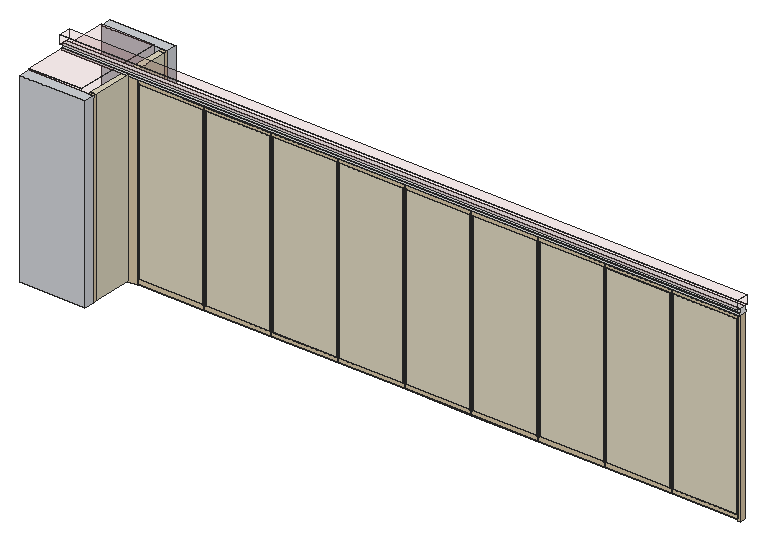
Revit family "Partition_Corflex_5500_Series_Outside_Pocket", category Specialty Equipment, Revit 2022
Family settings
  Round Connector Dimension = Use Diameter
  Part Type = Normal
  OmniClass Number = 23.25.40.17.11
  OmniClass Title = Horizontally Sliding Partitions
  Work Plane-Based = No
  Always vertical = Yes
  Cut with Voids When Loaded = No
  Maintain Annotation Orientation = No
  Shared = No
  Room Calculation Point = No
Parameters (values of type "Outside Pocket")
  Track back offset [instance] = 0 mm  # constant formula
  Unit Height [instance] = Opening Height Auxiliary - Finished Floor Thickness - Track Location Control  # 3022.6 mm
  URL = "http://www.corflex.ca/"
  Track Lenght [instance] = 10000 mm
  Track front offset [instance] = 0 mm  # constant formula
  Track Width Above = 88.9 mm  # constant formula
  Track Width = 127 mm  # constant formula
  Track Location Control [instance] = if(Flush Ceiling Track, 0 mm, 25.4 mm)  # 25.4 mm
  Track Height = 88.9 mm  # constant formula
  Swing Angle [instance] = if(Limit Pocket Door Swing Angle, 90.00°, 135.00°)  # 135.00°
  Show Stacked [instance] = no
  Panel Width Stacked [instance] = Panel Width  # 1090 mm
  Stack Spacing Plan Control [instance] = Stack Spacing Plan / 2  # 46 mm
  Stack Spacing Plan [instance] = Panel Thickness + Field Decoration Allowance  # 92 mm
  Stack Depth Allowance [instance] = if(Panel Finish Carpet, 12.7 mm, 3.969 mm)  # 3.969 mm
  Stack Depth [instance] = (Panel Thickness * Total Panel Quantity) + 38 mm  # 866 mm
  Specification sheet = ""
  Specification = "https://www.arcat.com/company/corflex-partitions-inc-39436/spec"
  Show Extended [instance] = not(Show Stacked)  # yes
  Product Page URL = "https://www.arcat.com/company/corflex-partitions-inc-39436"
  Panel Thickness [instance] = 92 mm  # constant formula
  Opening Width [instance] = 10000 mm
  Panel Quantity Auxiliary [instance] = roundup((Opening Width - Closure Width Trail - Closure Width Lead Standard) / Panel Width Max) + Additional Panel Quantity  # 9
  Total Panel Quantity [instance] = (roundup((Opening Width - Closure Width Trail - Closure Width Lead Calculated) / Panel Width Max)) + Additional Panel Quantity  # 9
  Opening Height [instance] = 3048 mm
  Keynote = "10 22 26"
  Pocket Door Type = if(Enter Pocket Door Type = 0, "None", if(Enter Pocket Door Type = 2, "2", if(Enter Pocket Door Type = 3, "3", "Invalid")))  # "3"
  Flush Ceiling Track [instance] = no
  Enter Pocket Door Type = 3  # constant formula
  Pocket Door Left Opening [instance] = if(Enter Pocket Door Type = 3, Clearance Width / 2, Clearance Width - Pocket Door Right Opening)  # 745 mm
  Pocket Door Right Opening [instance] = if(Enter Pocket Door Type = 3, Clearance Width / 2, if(Enter Pocket Door Type = 2, (Clearance Width / 2) + 88.9 mm, Clearance Width / 2))  # 745 mm
  Partition Width [instance] = (Panel Width * Total Panel Quantity) + Closure Width Lead Calculated + Closure Width Trail  # 10000 mm
  Panel Width Min = 533 mm  # constant formula
  Panel Width Max = 1219 mm  # constant formula
  Panel Width [instance] = if(((Opening Width - Closure Width Trail - Closure Width Lead Calculated) / Total Panel Quantity) > 1219 mm, ((Opening Width - Closure Width Trail - Closure Width Lead Calculated) / (Total Panel Quantity + 1)), ((Opening Width - Closure Width Trail - Closure Width Lead Calculated) / Total Panel Quantity))  # 1090 mm
  Panel Finish Vinyl [instance] = not(Panel Finish Carpet)  # yes
  Panel Finish Carpet [instance] = no
  Model = "5500"  # constant formula
  Manufacturer Telephone = "1 877 410-2422 or (1) 450 444-2441"  # constant formula
  Manufacturer = "Corflex, Inc."  # constant formula
  Limit Pocket Door Swing Angle [instance] = no
  Finished Floor Thickness [instance] = 0 mm
  Finish Material Track = Corflex - Track - Clear anodized
  Finish Material Pocket Door = Corflex - Vinyl - Blizzard
  Finish Material Panel = Corflex - Vinyl - Blizzard
  Finish Material Metal = Corflex - Trim - Beige
  Field Decoration Allowance [instance] = 0 mm
  Default Elevation = 0 mm
  Description = "Operable Partition"  # constant formula
  Copyright = "ARCAT"
  Closure Width Trail = 152 mm  # constant formula
  Closure Width Lead Calculated [instance] = if(and(Panel Quantity Auxiliary > 15, Closure Width Lead 102 mm Only Available if Panel Quantity Exceeds 15 Panels), 102 mm, if(and(Panel Quantity Auxiliary > 15, Closure Width Lead 114 mm Only Available if Panel Quantity Exceeds 15 Panels), 114 mm, if(and(Panel Quantity Auxiliary > 15, Closure Width Lead 152 mm Only Available if Panel Quantity Exceeds 15 Panels), 152 mm, 38 mm)))  # 38 mm
  Closure Width Lead 152 mm Only Available if Panel Quantity Exceeds 15 Panels [instance] = no
  Closure Width Lead 114 mm Only Available if Panel Quantity Exceeds 15 Panels [instance] = no
  Closure Width Lead 102 mm Only Available if Panel Quantity Exceeds 15 Panels [instance] = no
  Closure Width Lead Standard = 38 mm  # constant formula
  Closure Type Trail = "Lever"  # constant formula
  Closure Type Lead = if(Closure Width Lead Standard = 38 mm, "Bulb Seal", if(Closure Width Lead Standard = 154 mm, "Lever", if(Closure Width Lead Standard = 102 mm, "Wall Jamb", "Contact Manufacturer")))  # "Bulb Seal"
  Clearance Width [instance] = Panel Width + 400 mm  # 1490 mm
  Clearance Depth [instance] = (Panel Thickness * Total Panel Quantity) + 240 mm  # 1068 mm
  Opening Height Auxiliary [instance] = if(and(Additional Panel Quantity < 0, ((Opening Width - Closure Width Trail - Closure Width Lead Calculated) / Total Panel Quantity) > 1219 mm), -50 mm, if(Opening Height > 6096 mm, 6096 mm, Opening Height))  # 3048 mm
  CSI MasterFormat 2004 = "10 22 26"
  CSI MasterFormat = "10 22 39"
  CAD Details = "https://www.arcat.com/company/corflex-partitions-inc-39436/cad"
  Assembly Code = "C1010300"
  Additional Panel Quantity [instance] = 0
  Acoustic Seal [instance] = yes
  Door Panel Position From Left [instance] = Panel Width / 2  # 545 mm
Reference planes
  plane 1 "Center (Front/Back)": y = 0
  plane 2 "Origin": z = 0
  plane 3 "Left": x = 0
  plane 4 "Right": x = 10000
  plane 5 "Back Panel": y = 46
  plane 6 "Front Panel": y = -46
  plane 7 "Back": y = 745
  plane 8 "Front": y = -745
  plane 9 "Back Track": y = 63.5
  plane 10 "Front Track": y = -63.5
  plane 11 "Array First Extended": x = 152
  plane 12 "Array Second Extended": x = 1242
  plane 13 "Right Closure Lead": x = 9962
  plane 14 "Top Clearance": z = 3251.2
  plane 15 "Bottom Panel": z = 0
  plane 16 "Top": z = 3111.5
  plane 17 "Bottom Track": z = 3022.6
  plane 18 "Center Track (Elevation)": z = 3048
  plane 19 "Ceiling Height": z = 3048
  plane 20 "Back Track Clearance": y = 101.6
  plane 21 "Front Track Clearance": y = -101.6
  plane 22: x = 10000
  plane 23 "Array First Stacked Control": x = -1064.031
  plane 24 "Panel Thickness": x = -972.031
  plane 25 "Array Second Stacked Control": x = -968.063
  plane 26 "Array First Stacked": x = -1018.031
  plane 27 "Array Second Stacked": x = -922.063
  plane 28: x = -1068
  plane 29: x = -202
  plane 30: x = -1068
Forms (mm)
  Extrusion 1, solid, material "Corflex - Track - Clear anodized" <- "Finish Material Track"
    sketch origin (0, 0, 0) x (0, 1, 0) y (0, 0, 1)
      loop
        line (44.45, 3111.5) -> (-44.45, 3111.5) -> (-44.45, 3048) -> (-63.5, 3048) -> (-63.5, 3022.6) -> (63.5, 3022.6) -> (63.5, 3048) -> (44.45, 3048) -> (44.45, 3111.5)
    from -1068 to 10000
  Extrusion 2, solid, material "Corflex - Clearance beam and track"
    sketch origin (0, 0, 0) x (0, 1, 0) y (0, 0, 1)
      loop
        line (101.6, 3251.2) -> (-101.6, 3251.2) -> (-101.6, 3111.5) -> (101.6, 3111.5) -> (101.6, 3251.2)
    from -1068 to 10000
  Extrusion 3, solid
    sketch origin (-3400, 341.346, 0) x (1, 0, 0) y (0, 1, 0)
      loop
        line (3400, 403.654) -> (3400, 581.454) -> (2332, 581.454) -> (2332, 403.654) -> (3400, 403.654)
      loop
        line (2332, -1086.346) -> (2332, -1264.146) -> (3400, -1264.146) -> (3400, -1086.346) -> (2332, -1086.346)
    from 0 to 3022.6
  Extrusion 4, solid, material "Corflex - Clearance beam and track"
    sketch origin (0, 0, 0) x (-1, 0, 0) y (0, -1, 0)
      loop
        line (1068, -745) -> (1068, 745) -> (202, 745) -> (202, -745) -> (1068, -745)
    from 0 to 3048
Lines and regions (mm)
  symbolic lines, style "Clearance"
    curve 1: line (-1068, 0, 3251.2) -> (10000, 0, 3251.2)
    curve 2: line (-1068, 0, 3048) -> (-1068, 0, 0)
    curve 3: line (100, 0, 3048) -> (100, 0, 0)
    curve 4: line (10000, 0, 3251.2) -> (10000, 0, 3048)
    curve 6: line (0, 745, 3048) -> (0, 745, 0)
    curve 7: line (0, -745, 3048) -> (0, -745, 0)
    curve 10: line (-1068, 0, 3048) -> (10000, 0, 3048)
    curve 11: line (0, 745, 0) -> (0, -745, 0)
    curve 12: line (0, 101.6, 3251.2) -> (0, -101.6, 3251.2)
    curve 13: line (0, 101.6, 3251.2) -> (0, 101.6, 3048)
    curve 14: line (0, -101.6, 3251.2) -> (0, -101.6, 3048)
    curve 15: line (0, 745, 3048) -> (0, 101.6, 3048)
    curve 16: line (0, -101.6, 3048) -> (0, -745, 3048)
    curve 19: line (-1068, 0, 0) -> (100, 0, 0)
    curve 20: line (0, 745, 0) -> (0, -745, 0)
    curve 21: line (-1068, 745, 0) -> (-1068, -745, 0)
    curve 22: line (0, 745, 0) -> (-1068, 745, 0)
    curve 23: line (0, -745, 0) -> (-1068, -745, 0)
    curve 24: line (-1068, 0, 3048) -> (-1068, 0, 3251.2)
    curve 25: line (-202, 745, 0) -> (-202, -745, 0)
  symbolic lines, style "Clearance", detail levels medium+fine
    curve 5: line (0, 101.6, 3251.2) -> (0, -101.6, 3251.2)
  symbolic lines, style "Overhead"
    curve 8: line (10000, 63.5, 3048) -> (-1068, 63.5, 3048)
    curve 9: line (10000, -63.5, 3048) -> (-1068, -63.5, 3048)
    curve 17: line (10000, 63.5, 3048) -> (10000, -63.5, 3048)
    curve 18: line (-1068, 63.5, 3048) -> (-1068, -63.5, 3048)
Dimensions and locks
  equal spacing: plane 8 "Front", plane 1 "Center (Front/Back)", plane 7 "Back"
  "Clearance Width": plane 8 "Front" to plane 7 "Back"
  "Track Width": plane 10 "Front Track" to plane 9 "Back Track"
  equal spacing: plane 10 "Front Track", plane 1 "Center (Front/Back)", plane 9 "Back Track"
  "Panel Thickness": plane 6 "Front Panel" to plane 5 "Back Panel"
  equal spacing: plane 6 "Front Panel", plane 1 "Center (Front/Back)", plane 5 "Back Panel"
  "Opening Width": plane 3 "Left" to plane 4 "Right"
  "Panel Width": plane 11 "Array First Extended" to plane 12 "Array Second Extended"
  "Closure Width Lead Calculated": plane 13 "Right Closure Lead" to plane 4 "Right"
  "Finished Floor Thickness": plane 15 "Bottom Panel" to level
  "Track Height": plane 16 "Top" to plane 17 "Bottom Track"
  locked: plane 18 "Center Track (Elevation)" to plane 17 "Bottom Track" at 25.4
  "Track Location Control": plane 19 "Ceiling Height" to plane 17 "Bottom Track"
  "Opening Height Auxiliary": plane 19 "Ceiling Height" to level
  locked: plane 14 "Top Clearance" to plane 19 "Ceiling Height" at 203.2
  equal spacing: group 1, group 2, group 3, group 4, group 5, group 6, group 7, group 8, group 9  (x3)
  "Track Width Above": Extrusion 1 sketch curve to Extrusion 1 sketch curve
  locked: plane 21 "Front Track Clearance" to plane 20 "Back Track Clearance" at 203.2
  equal spacing: plane 21 "Front Track Clearance", plane 1 "Center (Front/Back)", plane 20 "Back Track Clearance"
  equal spacing: Extrusion 1 sketch curve, plane 1 "Center (Front/Back)", Extrusion 1 sketch curve
  "Track front offset": plane 4 "Right" to plane 22
  "Stack Depth Allowance": plane 28 to plane 23 "Array First Stacked Control"
  "Stack Spacing Plan": plane 23 "Array First Stacked Control" to plane 24 "Panel Thickness"
  "Stack Depth Allowance": plane 24 "Panel Thickness" to plane 25 "Array Second Stacked Control"
  "Stack Spacing Plan Control": plane 25 "Array Second Stacked Control" to plane 27 "Array Second Stacked"
  equal spacing: plane 23 "Array First Stacked Control", plane 26 "Array First Stacked", plane 24 "Panel Thickness"
  equal spacing: group 10, group 11, group 12, group 13, group 14, group 15, group 16, group 17, group 18  (x3)
  locked: plane 7 "Back" to Extrusion 3 sketch curve at 177.8
  locked: Extrusion 3 sketch curve to plane 8 "Front" at 177.8
  "Track back offset": plane 30 to plane 28
  "Stack Depth": plane 28 to plane 29
  "Clearance Depth": plane 28 to plane 3 "Left"
  "Closure Width Trail": plane 3 "Left" to plane 11 "Array First Extended"
  aligned and locked: plane 2 "Origin" to level
  aligned and locked: plane 1 "Center (Front/Back)" to nested 1
  aligned and locked: Extrusion 1 sketch curve to plane 17 "Bottom Track"
  aligned and locked: Extrusion 1 sketch curve to plane 18 "Center Track (Elevation)"  (x2)
  aligned and locked: Extrusion 1 sketch curve to plane 16 "Top"
  aligned and locked: Extrusion 1 sketch curve to plane 9 "Back Track"
  aligned and locked: Extrusion 1 sketch curve to plane 10 "Front Track"
  aligned and locked: nested 5 to plane 1 "Center (Front/Back)"
  aligned and locked: plane 1 "Center (Front/Back)" to nested 6
  aligned and locked: plane 4 "Right" to nested 6
  aligned and locked: plane 14 "Top Clearance" to Extrusion 2 sketch curve
  aligned and locked: curve 1 to plane 14 "Top Clearance"
  aligned and locked: curve 4 to plane 4 "Right"
  aligned and locked: plane 19 "Ceiling Height" to curve 3
  aligned and locked: plane 7 "Back" to curve 6
  aligned and locked: plane 8 "Front" to curve 7
  aligned and locked: curve 8 to plane 9 "Back Track"
  aligned and locked: plane 4 "Right" to curve 8
  aligned and locked: curve 9 to plane 10 "Front Track"
  aligned and locked: Extrusion 2 sketch curve to plane 20 "Back Track Clearance"
  aligned and locked: Extrusion 2 sketch curve to plane 21 "Front Track Clearance"
  aligned and locked: curve 10 to plane 19 "Ceiling Height"
  aligned and locked: plane 4 "Right" to curve 10
  aligned and locked: plane 15 "Bottom Panel" to curve 11
  aligned and locked: plane 14 "Top Clearance" to curve 12
  aligned and locked: plane 20 "Back Track Clearance" to curve 13
  aligned and locked: plane 21 "Front Track Clearance" to curve 14
  aligned and locked: plane 19 "Ceiling Height" to curve 15
  aligned and locked: plane 19 "Ceiling Height" to curve 16
  aligned and locked: curve 19 to plane 15 "Bottom Panel"
  aligned and locked: curve 20 to plane 3 "Left"
  aligned and locked: Extrusion 2 to plane 16 "Top"
  aligned and locked: plane 22 to Extrusion 1
  aligned and locked: plane 22 to Extrusion 2
  aligned and locked: plane 17 "Bottom Track" to Extrusion 3
  aligned and locked: Extrusion 3 to plane 7 "Back"
  aligned and locked: plane 1 "Center (Front/Back)" to nested 11
  aligned and locked: Extrusion 4 sketch curve to plane 8 "Front"
  aligned and locked: Extrusion 4 sketch curve to plane 7 "Back"
  aligned and locked: plane 18 "Center Track (Elevation)" to Extrusion 4
  aligned and locked: plane 11 "Array First Extended" to nested 1
  aligned and locked: plane 12 "Array Second Extended" to nested 2
  aligned and locked: plane 26 "Array First Stacked" to nested 13
  aligned and locked: plane 27 "Array Second Stacked" to nested 14
  aligned and locked: plane 28 to Extrusion 3 sketch curve  (x2)
  aligned and locked: Extrusion 3 sketch curve to plane 8 "Front"
  aligned and locked: Extrusion 4 sketch curve to plane 29
  aligned and locked: Extrusion 4 sketch curve to plane 28
  aligned and locked: curve 21 to plane 28
  aligned and locked: plane 30 to Extrusion 2
  aligned and locked: plane 30 to Extrusion 1
  aligned and locked: plane 30 to curve 18
  aligned and locked: curve 24 to plane 30
  aligned and locked: curve 2 to plane 28
  aligned and locked: nested 5 to plane 3 "Left"
  aligned and locked: Extrusion 3 sketch curve to plane 3 "Left"
  aligned and locked: plane 7 "Back" to curve 25
  aligned and locked: plane 8 "Front" to curve 25
  aligned and locked: curve 25 to plane 29
Automatic sketch dimensions
  plane 3 "Left" to curve 3 = 100 mm
  Extrusion 2 sketch curve to plane 16 "Top" = 0 mm
  Extrusion 3 sketch curve to plane 3 "Left" = 0 mm
  Extrusion 3 sketch curve to plane 7 "Back" = 0 mm
Nested families
  nested 1: "Panel" at (697, 0, 0), visible <- "Show Extended", Acoustic Seal <- "Acoustic Seal", type "Extended"
    with Acoustic Seal yes
  nested 2: "Panel" at (1787, 0, 0), visible <- "Show Extended", Acoustic Seal <- "Acoustic Seal", type "Extended"
    with Acoustic Seal yes
  nested 3: "Panel" at (2877, 0, 0), visible <- "Show Extended", Acoustic Seal <- "Acoustic Seal", type "Extended"
    with Acoustic Seal yes
  nested 4: "Panel" at (3967, 0, 0), visible <- "Show Extended", Acoustic Seal <- "Acoustic Seal", type "Extended"
    with Acoustic Seal yes
  nested 5: "Closure" at (152, 0, 0) x (-1, 0, 0) z (0, 0, 1), type "Trail"
    with Show Stacked no, Show Extended yes, Panel Thickness 92 mm, Not Flange yes, Masking Region Depth 0 mm, Height 3022.6 mm, Closure Width 152 mm, Ceiling Height 3048 mm, Bottom Seal Height 25 mm
  nested 6: "Closure" at (9962, 0, 0), type "Lead"
    with Show Stacked no, Show Extended yes, Panel Thickness 92 mm, Not Flange yes, Masking Region Depth 0 mm, Height 3022.6 mm, Closure Width 38 mm, Ceiling Height 3048 mm, Bottom Seal Height 25 mm
  nested 7: "Panel" at (5057, 0, 0), visible <- "Show Extended", Acoustic Seal <- "Acoustic Seal", type "Extended"
    with Acoustic Seal yes
  nested 8: "Panel" at (6147, 0, 0), visible <- "Show Extended", Acoustic Seal <- "Acoustic Seal", type "Extended"
    with Acoustic Seal yes
  nested 9: "Panel" at (7237, 0, 0), visible <- "Show Extended", Acoustic Seal <- "Acoustic Seal", type "Extended"
    with Acoustic Seal yes
  nested 10: "Panel" at (8327, 0, 0), visible <- "Show Extended", Acoustic Seal <- "Acoustic Seal", type "Extended"
    with Acoustic Seal yes
  nested 11: "Pocket Door Multiple" at (0, 0, 0) x (0, -1, 0) z (0, 0, 1), type "Pocket Door Multiple"
  nested 12: "Panel" at (9417, 0, 0), visible <- "Show Extended", Acoustic Seal <- "Acoustic Seal", type "Extended"
    with Acoustic Seal yes
  nested 13: "Panel" at (-1018.031, 0, 0) x (0, 1, 0) z (0, 0, 1), visible <- "Show Stacked", type "Stacked"
    with Acoustic Seal no
  nested 14: "Panel" at (-922.063, 0, 0) x (0, 1, 0) z (0, 0, 1), visible <- "Show Stacked", type "Stacked"
    with Acoustic Seal no
  nested 15: "Panel" at (-826.094, 0, 0) x (0, 1, 0) z (0, 0, 1), visible <- "Show Stacked", type "Stacked"
    with Acoustic Seal no
  nested 16: "Panel" at (-730.125, 0, 0) x (0, 1, 0) z (0, 0, 1), visible <- "Show Stacked", type "Stacked"
    with Acoustic Seal no
  nested 17: "Panel" at (-634.156, 0, 0) x (0, 1, 0) z (0, 0, 1), visible <- "Show Stacked", type "Stacked"
    with Acoustic Seal no
  nested 18: "Panel" at (-538.188, 0, 0) x (0, 1, 0) z (0, 0, 1), visible <- "Show Stacked", type "Stacked"
    with Acoustic Seal no
  nested 19: "Panel" at (-442.219, 0, 0) x (0, 1, 0) z (0, 0, 1), visible <- "Show Stacked", type "Stacked"
    with Acoustic Seal no
  nested 20: "Panel" at (-346.25, 0, 0) x (0, 1, 0) z (0, 0, 1), visible <- "Show Stacked", type "Stacked"
    with Acoustic Seal no
  nested 21: "Panel Center Line" at (-1018.031, 0, 0), Panel Width Stacked <- "Panel Width Stacked", type "Panel Center Line"
    with Panel Width Stacked 1090 mm
  nested 22: "Panel Center Line" at (-922.063, 0, 0), Panel Width Stacked <- "Panel Width Stacked", type "Panel Center Line"
    with Panel Width Stacked 1090 mm
  nested 23: "Panel Center Line" at (-826.094, 0, 0), Panel Width Stacked <- "Panel Width Stacked", type "Panel Center Line"
    with Panel Width Stacked 1090 mm
  nested 24: "Panel Center Line" at (-730.125, 0, 0), Panel Width Stacked <- "Panel Width Stacked", type "Panel Center Line"
    with Panel Width Stacked 1090 mm
  nested 25: "Panel Center Line" at (-634.156, 0, 0), Panel Width Stacked <- "Panel Width Stacked", type "Panel Center Line"
    with Panel Width Stacked 1090 mm
  nested 26: "Panel Center Line" at (-538.188, 0, 0), Panel Width Stacked <- "Panel Width Stacked", type "Panel Center Line"
    with Panel Width Stacked 1090 mm
  nested 27: "Panel Center Line" at (-442.219, 0, 0), Panel Width Stacked <- "Panel Width Stacked", type "Panel Center Line"
    with Panel Width Stacked 1090 mm
  nested 28: "Panel Center Line" at (-346.25, 0, 0), Panel Width Stacked <- "Panel Width Stacked", type "Panel Center Line"
    with Panel Width Stacked 1090 mm
  nested 29: "Panel" at (-250.281, 0, 0) x (0, 1, 0) z (0, 0, 1), visible <- "Show Stacked", type "Stacked"
    with Acoustic Seal no
  nested 30: "Panel Center Line" at (-250.281, 0, 0), Panel Width Stacked <- "Panel Width Stacked", type "Panel Center Line"
    with Panel Width Stacked 1090 mm
Definition of nested family "Panel"
  Parameters (values of type "Extended")
    Width = 1090 mm
    URL = ""
    Panic lever Length = Width - 90 mm  # 1000 mm
    Panel Thickness = 92 mm
    Manufacturer = ""
    Keynote = ""
    Height = 3022.6 mm
    Finished Floor Thickness = 0 mm
    Finish Material Metal = none
    Finish Material Panel = none
    Default Elevation = 0 mm
    Acoustic Seal [instance] = yes
  Types (2): name
    Stacked
    Extended
  Reference planes
    plane 1 "Center (Front/Back)": y = 0
    plane 2: z = 0
    plane 3 "Left": x = -545
    plane 4 "Right": x = 545
    plane 5 "Bottom Panel": z = 25
    plane 6 "Top": z = 2997.6
    plane 7 "Top Seal": z = 2972.2
    plane 8 "Bottom Seal": z = 63.1
    plane 9 "Left Panel": x = -522.775
    plane 10 "Right Trim": x = 522.775
    plane 11 "Top Trim": z = 2946.8
    plane 12 "Bottom Trim": z = 88.5
    plane 13 "Center (Left/Right)": x = 0
    plane 14 "Back": y = 46
    plane 15 "Front": y = -46
    plane 16 "Back Seal": y = 25.362
    plane 17 "Front Seal": y = -25.363
    plane 18: z = 900
    plane 19: z = 0
    plane 20: z = 3022.6
  Forms (mm)
    Extrusion 1, solid, material <- "Finish Material Panel"
      sketch origin (0, 0, 0) x (1, 0, 0) y (0, 1, 0)
        loop
          line (-522.775, 46) -> (-522.775, -46) -> (522.775, -46) -> (522.775, 46) -> (-522.775, 46)
      from 88.5 to 2946.8
    Extrusion 2, solid, material <- "Finish Material Metal"
      sketch origin (-545, 0, 0) x (0, 1, 0) y (0, 0, 1)
        loop
          line (46, 25) -> (46, 88.5) -> (-46, 88.5) -> (-46, 25) -> (46, 25)
        loop
          line (46, 2997.6) -> (-46, 2997.6) -> (-46, 2946.8) -> (46, 2946.8) -> (46, 2997.6)
      from 0 to 1090
    Extrusion 3, solid, material <- "Finish Material Metal"
      sketch origin (-622.3, 0, 0) x (1, 0, 0) y (0, 1, 0)
        loop
          line (77.3, 46) -> (77.3, -46) -> (99.525, -46) -> (99.525, 46) -> (77.3, 46)
        loop
          line (1167.3, 46) -> (1145.075, 46) -> (1145.075, -46) -> (1167.3, -46) -> (1167.3, 46)
      from 88.5 to 2946.8
    Extrusion 4, solid
      sketch origin (-5.333, -447.76, 0) x (1, 0, 0) y (0, 1, 0)
        loop
          line (-539.667, 473.122) -> (-539.667, 422.397) -> (550.333, 422.397) -> (550.333, 473.122) -> (-539.667, 473.122)
      from 0 to 25
    Extrusion 5, solid, visible <- "Acoustic Seal"
      sketch origin (-5.333, -447.76, 4120) x (1, 0, 0) y (0, 1, 0)
        loop
          line (-539.667, 473.122) -> (-539.667, 422.397) -> (550.333, 422.397) -> (550.333, 473.122) -> (-539.667, 473.122)
      from -1122.4 to -1097.4
  Lines and regions (mm)
    Masking region 1
      outline origin (0, 0, 0) x (1, 0, 0) y (0, 1, 0)
        loop
          line (545, 46) -> (-545, 46) -> (-545, -46) -> (545, -46) -> (545, 46)
    reference lines
      curve 1: line (-545, 46, 0) -> (-545, -46, 0)
      curve 2: line (545, 46, 0) -> (545, -46, 0)
      curve 3: line (-545, 0, 2997.6) -> (-545, 0, 0)
      curve 4: line (545, 0, 2997.6) -> (545, 0, 0)
  Dimensions and locks
    "Height": plane 20 to plane 19
    locked: plane 6 "Top" to plane 7 "Top Seal" at 25.4
    locked: plane 8 "Bottom Seal" to plane 5 "Bottom Panel" at 38.1
    locked: plane 7 "Top Seal" to plane 11 "Top Trim" at 25.4
    locked: plane 12 "Bottom Trim" to plane 8 "Bottom Seal" at 25.4
    "Panel Thickness": plane 15 "Front" to plane 14 "Back"
    "Width": plane 4 "Right" to plane 3 "Left"
    equal spacing: plane 4 "Right", plane 13 "Center (Left/Right)", plane 3 "Left"
    "Finished Floor Thickness": plane 19 to plane 2
    equal spacing: plane 15 "Front", plane 1 "Center (Front/Back)", plane 14 "Back"
    locked: plane 16 "Back Seal" to plane 14 "Back" at 20.638
    locked: plane 15 "Front" to plane 17 "Front Seal" at 20.637
    locked: plane 18 to plane 19 at 900
    plane 10 "Right Trim" to plane 9 "Left Panel" = 1045.55 mm
    locked: plane 5 "Bottom Panel" to plane 19 at 25
    locked: plane 20 to plane 6 "Top" at 25
    locked: plane 3 "Left" to plane 9 "Left Panel" at 22.225
    locked: plane 10 "Right Trim" to plane 4 "Right" at 22.225
    aligned and locked: plane 2 to level
    aligned and locked: plane 11 "Top Trim" to Extrusion 1
    aligned and locked: Extrusion 1 to plane 12 "Bottom Trim"
    aligned and locked: curve 1 to plane 3 "Left"
    aligned and locked: curve 2 to plane 4 "Right"
    aligned and locked: curve 3 to plane 3 "Left"
    aligned and locked: curve 4 to plane 4 "Right"
    aligned and locked: plane 6 "Top" to curve 3
    aligned and locked: plane 6 "Top" to curve 4
    aligned and locked: plane 2 to curve 3
    aligned and locked: plane 2 to curve 4
    aligned and locked: Extrusion 2 to plane 3 "Left"
    aligned and locked: plane 4 "Right" to Extrusion 2
    aligned and locked: Extrusion 3 to plane 12 "Bottom Trim"
    aligned and locked: plane 11 "Top Trim" to Extrusion 3
    aligned and locked: Masking region 1 sketch curve to plane 14 "Back"
    aligned and locked: Masking region 1 sketch curve to plane 15 "Front"
    aligned and locked: Masking region 1 sketch curve to plane 3 "Left"
    aligned and locked: Masking region 1 sketch curve to plane 4 "Right"
    aligned and locked: plane 2 to curve 1
    aligned and locked: plane 2 to curve 2
    aligned and locked: Extrusion 4 to plane 3 "Left"
    aligned and locked: plane 4 "Right" to Extrusion 4
    aligned and locked: Extrusion 4 to plane 16 "Back Seal"
    aligned and locked: plane 17 "Front Seal" to Extrusion 4
    aligned and locked: Extrusion 4 to plane 19
    aligned and locked: plane 5 "Bottom Panel" to Extrusion 4
    aligned and locked: Extrusion 5 to plane 3 "Left"
    aligned and locked: plane 4 "Right" to Extrusion 5
    aligned and locked: Extrusion 5 to plane 6 "Top"
    aligned and locked: Extrusion 5 to plane 20
    aligned and locked: Extrusion 3 to plane 10 "Right Trim"  (x2)
    aligned and locked: plane 9 "Left Panel" to Extrusion 3  (x2)
    aligned and locked: plane 10 "Right Trim" to Extrusion 1
    aligned and locked: Extrusion 1 to plane 9 "Left Panel"
    aligned and locked: plane 5 "Bottom Panel" to Extrusion 2 sketch curve
  Automatic sketch dimensions
    plane 15 "Front" to Extrusion 1 sketch curve = 0 mm
    plane 14 "Back" to Extrusion 1 sketch curve = 0 mm
    Extrusion 2 sketch curve to plane 11 "Top Trim" = 0 mm
    Extrusion 2 sketch curve to plane 15 "Front" = 0 mm  (x2)
    Extrusion 2 sketch curve to plane 14 "Back" = 0 mm  (x2)
    Extrusion 2 sketch curve to plane 6 "Top" = 0 mm
    Extrusion 2 sketch curve to plane 12 "Bottom Trim" = 0 mm
    Extrusion 3 sketch curve to plane 3 "Left" = 0 mm
    Extrusion 3 sketch curve to plane 4 "Right" = 0 mm
    plane 15 "Front" to Extrusion 3 sketch curve = 0 mm  (x2)
    plane 14 "Back" to Extrusion 3 sketch curve = 0 mm  (x2)
    Extrusion 4 sketch curve to plane 3 "Left" = 0 mm
    Extrusion 4 sketch curve to plane 4 "Right" = 0 mm
    plane 17 "Front Seal" to Extrusion 4 sketch curve = 0 mm
    plane 16 "Back Seal" to Extrusion 4 sketch curve = 0 mm
    Extrusion 5 sketch curve to plane 3 "Left" = 0 mm
    Extrusion 5 sketch curve to plane 4 "Right" = 0 mm
    plane 17 "Front Seal" to Extrusion 5 sketch curve = 0 mm
    plane 16 "Back Seal" to Extrusion 5 sketch curve = 0 mm
    Extrusion 1 sketch curve to plane 10 "Right Trim" = 0 mm
    Extrusion 3 sketch curve to plane 10 "Right Trim" = 0 mm
    Extrusion 1 sketch curve to plane 9 "Left Panel" = 0 mm
    Extrusion 3 sketch curve to plane 9 "Left Panel" = 0 mm
    plane 15 "Front" to curve 1 = 0 mm
    plane 15 "Front" to curve 2 = 0 mm
    plane 14 "Back" to curve 2 = 0 mm
    plane 14 "Back" to curve 1 = 0 mm
Definition of nested family "Closure"
  Parameters (values of type "Trail")
    URL = ""
    Show Stacked = not(Show Extended)  # yes
    Show Extended = no
    Panel Thickness = 91.976 mm
    Not Flange = and(Show Extended, not(Flange))  # no
    Masking Region Depth = if(Closure Width = 152.4 mm, 12.7 mm, 0 mm)  # 12.7 mm
    Manufacturer = ""
    Keynote = ""
    Height = 2717.8 mm
    Flange = and(Show Extended, Closure Width = 152.4 mm)  # no
    Finished Floor Thickness = 0 mm
    Finish Material Panel = none
    Finish Material Metal = none
    Default Elevation = 0 mm
    Closure Width = 152.4 mm
    Ceiling Height = 2743.2 mm
    Bottom Seal Height = 38.1 mm
  Types (2): name
    Trail
    Lead
  Reference planes
    plane 1 "Center (Front/Back)": y = 0
    plane 2: z = 0
    plane 3 "Left": x = -50.8
    plane 4 "Right": x = 152.4
    plane 5 "Bottom Panel": z = 0
    plane 6 "Top": z = 2717.8
    plane 7 "Center (Left/Right)": x = 0
    plane 8 "Back": y = 45.988
    plane 9 "Front": y = -45.988
    plane 10 "Front Lever Closure": y = -58.688
    plane 11 "Back Lever Closure": y = 58.688
    plane 12 "Back Masking Region": y = 58.688
    plane 13 "Front Masking Region": y = -58.688
    plane 14 "Top Base Trim": z = 63.5
    plane 15 "Top Seal": z = 38.1
    plane 16 "Top Trim": z = 2667
    plane 17 "Left Trim": x = -31.75
    plane 18 "Right Trim": x = 133.35
  Forms (mm)
    Extrusion 1, solid, material <- "Finish Material Panel", visible <- "Flange"
      sketch origin (0, 0, 0) x (1, 0, 0) y (0, 1, 0)
        loop
          line (-31.75, 58.688) -> (-31.75, 45.988) -> (0, 45.988) -> (0, -45.988) -> (-31.75, -45.988) -> (-31.75, -58.688) -> (133.35, -58.688) -> (133.35, 58.688) -> (-31.75, 58.688)
      from 63.5 to 2667
    Extrusion 2, solid, material <- "Finish Material Metal", visible <- "Not Flange"
      sketch origin (0, 0, 0) x (1, 0, 0) y (0, 1, 0)
        loop
          line (152.4, 45.988) -> (0, 45.988) -> (0, -45.988) -> (152.4, -45.988) -> (152.4, 45.988)
      from 0 to 2717.8
    Extrusion 3, solid, material <- "Finish Material Metal", visible <- "Flange"
      sketch origin (0, 0, 0) x (1, 0, 0) y (0, 1, 0)
        loop
          line (-50.8, 58.688) -> (-50.8, 45.988) -> (-31.75, 45.988) -> (-31.75, 58.688) -> (-50.8, 58.688)
        loop
          line (-50.8, -45.988) -> (-50.8, -58.688) -> (-31.75, -58.688) -> (-31.75, -45.988) -> (-50.8, -45.988)
        loop
          line (133.35, 58.688) -> (133.35, -58.688) -> (152.4, -58.688) -> (152.4, 58.688) -> (133.35, 58.688)
      from 63.5 to 2667
    Extrusion 4, solid, material <- "Finish Material Metal", visible <- "Flange"
      sketch origin (0, 0, 0) x (1, 0, 0) y (0, 1, 0)
        loop
          line (152.4, 58.688) -> (-50.8, 58.688) -> (-50.8, 45.988) -> (0, 45.988) -> (0, -45.988) -> (-50.8, -45.988) -> (-50.8, -58.688) -> (152.4, -58.688) -> (152.4, 58.688)
      from 0 to 63.5
    Extrusion 5, solid, material <- "Finish Material Metal", visible <- "Flange"
      sketch origin (0, 0, 0) x (1, 0, 0) y (0, 1, 0)
        loop
          line (152.4, 58.688) -> (-50.8, 58.688) -> (-50.8, 45.988) -> (0, 45.988) -> (0, -45.988) -> (-50.8, -45.988) -> (-50.8, -58.688) -> (152.4, -58.688) -> (152.4, 58.688)
      from 2667 to 2717.8
  Lines and regions (mm)
    Masking region 1, visible <- "Show Extended"
      outline origin (0, 0, 0) x (1, 0, 0) y (0, 1, 0)
        loop
          line (152.4, 58.688) -> (0, 58.688) -> (0, -58.688) -> (152.4, -58.688) -> (152.4, 58.688)
  Dimensions and locks
    "Height": plane 6 "Top" to plane 5 "Bottom Panel"
    "Panel Thickness": plane 9 "Front" to plane 8 "Back"
    "Finished Floor Thickness": plane 5 "Bottom Panel" to plane 2
    equal spacing: plane 9 "Front", plane 1 "Center (Front/Back)", plane 8 "Back"
    "Closure Width": plane 7 "Center (Left/Right)" to plane 4 "Right"
    locked: plane 3 "Left" to plane 7 "Center (Left/Right)" at 50.8
    locked: plane 8 "Back" to plane 11 "Back Lever Closure" at 12.7
    locked: plane 10 "Front Lever Closure" to plane 9 "Front" at 12.7
    "Masking Region Depth": plane 8 "Back" to plane 12 "Back Masking Region"
    "Masking Region Depth": plane 13 "Front Masking Region" to plane 9 "Front"
    "Bottom Seal Height": plane 15 "Top Seal" to plane 5 "Bottom Panel"
    locked: plane 14 "Top Base Trim" to plane 15 "Top Seal" at 25.4
    locked: plane 6 "Top" to plane 16 "Top Trim" at 50.8
    locked: plane 18 "Right Trim" to plane 4 "Right" at 19.05
    locked: plane 3 "Left" to plane 17 "Left Trim" at 19.05
    aligned and locked: plane 2 to level
    aligned and locked: Extrusion 2 sketch curve to plane 9 "Front"
    aligned and locked: Extrusion 2 sketch curve to plane 8 "Back"
    aligned and locked: Extrusion 2 sketch curve to plane 4 "Right"
    aligned and locked: Extrusion 2 sketch curve to plane 7 "Center (Left/Right)"
    aligned and locked: plane 6 "Top" to Extrusion 2
    aligned and locked: Extrusion 2 to plane 5 "Bottom Panel"
    aligned and locked: Masking region 1 sketch curve to plane 4 "Right"
    aligned and locked: Masking region 1 sketch curve to plane 12 "Back Masking Region"
    aligned and locked: Masking region 1 sketch curve to plane 13 "Front Masking Region"
    aligned and locked: Masking region 1 sketch curve to plane 7 "Center (Left/Right)"
    aligned and locked: plane 16 "Top Trim" to Extrusion 1
    aligned and locked: Extrusion 1 to plane 14 "Top Base Trim"
    aligned and locked: Extrusion 3 sketch curve to plane 3 "Left"  (x2)
    aligned and locked: Extrusion 3 sketch curve to plane 17 "Left Trim"  (x2)
    aligned and locked: Extrusion 3 sketch curve to plane 8 "Back"
    aligned and locked: Extrusion 3 sketch curve to plane 11 "Back Lever Closure"  (x2)
    aligned and locked: Extrusion 3 sketch curve to plane 4 "Right"
    aligned and locked: Extrusion 3 sketch curve to plane 18 "Right Trim"
    aligned and locked: Extrusion 3 sketch curve to plane 9 "Front"
    aligned and locked: Extrusion 3 sketch curve to plane 10 "Front Lever Closure"  (x2)
    aligned and locked: Extrusion 3 to Extrusion 1
    aligned and locked: plane 16 "Top Trim" to Extrusion 3
    aligned and locked: Extrusion 4 to plane 5 "Bottom Panel"
    aligned and locked: plane 14 "Top Base Trim" to Extrusion 4
    aligned and locked: Extrusion 5 to plane 16 "Top Trim"
    aligned and locked: plane 6 "Top" to Extrusion 5
    aligned and locked: plane 11 "Back Lever Closure" to Extrusion 1 sketch curve
    aligned and locked: plane 8 "Back" to Extrusion 1 sketch curve
    aligned and locked: plane 9 "Front" to Extrusion 1 sketch curve
    aligned and locked: plane 10 "Front Lever Closure" to Extrusion 1 sketch curve
    aligned and locked: Extrusion 1 sketch curve to plane 18 "Right Trim"
    aligned and locked: Extrusion 1 sketch curve to plane 7 "Center (Left/Right)"
    aligned and locked: Extrusion 1 sketch curve to plane 17 "Left Trim"  (x2)
    aligned and locked: Extrusion 4 sketch curve to plane 11 "Back Lever Closure"
    aligned and locked: Extrusion 4 sketch curve to plane 4 "Right"
    aligned and locked: Extrusion 4 sketch curve to plane 10 "Front Lever Closure"
    aligned and locked: Extrusion 4 sketch curve to plane 3 "Left"  (x2)
    aligned and locked: Extrusion 4 sketch curve to plane 8 "Back"
    aligned and locked: Extrusion 4 sketch curve to plane 9 "Front"
    aligned and locked: Extrusion 4 sketch curve to plane 7 "Center (Left/Right)"
    aligned and locked: Extrusion 5 sketch curve to plane 11 "Back Lever Closure"
    aligned and locked: Extrusion 5 sketch curve to plane 10 "Front Lever Closure"
    aligned and locked: Extrusion 5 sketch curve to plane 4 "Right"
    aligned and locked: Extrusion 5 sketch curve to plane 7 "Center (Left/Right)"
    aligned and locked: Extrusion 5 sketch curve to plane 3 "Left"  (x2)
    aligned and locked: Extrusion 5 sketch curve to plane 8 "Back"
    aligned and locked: Extrusion 5 sketch curve to plane 9 "Front"
Definition of nested family "Pocket Door Multiple"
  Parameters (values of type "Pocket Door Multiple")
    Width = 1490 mm
    Swing Angle = 135.00°
    Show Type 4 = Pckt Type = 4  # no
    Show Type 2-3-4 = or(Pckt Type = 2, Pckt Type = 3, Pckt Type = 4)  # yes
    Show Type 2-3 = or(Pckt Type = 2, Pckt Type = 3)  # yes
    Pckt Type = 3
    Left Panel Width = Left Opening - 47.625 mm  # 697.375 mm
    Right Panel Width = Right Opening - 47.625 mm  # 697.375 mm
    Left Opening = 745 mm
    Right Opening = 745 mm
    Height = 3022.6 mm
    Finished Floor Thickness = 0 mm
    Finish Material Pocket Door = none
    Finish Material Metal = none
    Default Elevation = 0 mm
    Assembly Code = ""
  Reference planes
    plane 1 "Back": y = 0
    plane 2 "Origin": z = 0
    plane 3 "Front Frame": x = 697.375
    plane 4 "Front Pckt Door": x = 0
    plane 5 "Swing Angle Control": y = -9.525
    plane 6 "Back Pckt Door": x = 0
    plane 7 "Back Frame": x = -697.375
    plane 8 "Center (Left/Right)": x = 0
    plane 9 "Left": x = -745
    plane 10 "Right": x = 745
    plane 11 "Front": y = -88.9
    plane 12: z = 0
    plane 13: z = 3022.6
  Forms (mm)
    Extrusion 1, solid, material <- "Finish Material Pocket Door"
      sketch origin (0, 0, 0) x (1, 0, 0) y (0, 1, 0)
        loop
          line (-3.175, 0) -> (-697.375, 0) -> (-697.375, -88.9) -> (-3.175, -88.9) -> (-3.175, 0)
        loop
          line (3.175, 0) -> (3.175, -88.9) -> (697.375, -88.9) -> (697.375, 0) -> (3.175, 0)
      from 0 to 3022.6
    Extrusion 2, solid, material <- "Finish Material Metal"
      sketch origin (0, 0, 0) x (1, 0, 0) y (0, 1, 0)
        loop
          line (-745, 0) -> (-745, -88.9) -> (-697.375, -88.9) -> (-697.375, 0) -> (-745, 0)
        loop
          line (697.375, 0) -> (697.375, -88.9) -> (745, -88.9) -> (745, 0) -> (697.375, 0)
      from 0 to 3022.6
  Lines and regions (mm)
    Masking region 1
      outline origin (0, 0, 0) x (1, 0, 0) y (0, 1, 0)
        loop
          line (0, 0) -> (-697.375, 0) -> (-697.375, -88.9) -> (0, -88.9) -> (0, 0)
    Masking region 2
      outline origin (0, 0, 0) x (1, 0, 0) y (0, 1, 0)
        loop
          line (697.375, 0) -> (0, 0) -> (0, -88.9) -> (697.375, -88.9) -> (697.375, 0)
    Masking region 3
      outline origin (0, 0, 0) x (1, 0, 0) y (0, 1, 0)
        loop
          line (-745, 0) -> (-745, -88.9) -> (-697.375, -88.9) -> (-697.375, 0) -> (-745, 0)
    Masking region 4
      outline origin (0, 0, 0) x (1, 0, 0) y (0, 1, 0)
        loop
          line (697.375, 0) -> (697.375, -88.9) -> (745, -88.9) -> (745, 0) -> (697.375, 0)
    symbolic lines, visible <- "Show Type 2-3-4"
      curve 1: line (697.375, 0, 0) -> (1190.494, 493.119, 0)
      curve 4: arc (1190.494, 493.119, 0) -> (426.107, 642.453, 0) -> (0.065, -9.525, 0) r 697.375
    symbolic lines, visible <- "Show Type 2-3-4", detail levels medium+fine
      curve 2: line (1190.494, 493.119, 0) -> (1127.632, 555.98, 0)
      curve 3: line (697.375, 0, 0) -> (634.513, 62.862, 0)
      curve 7: line (634.513, 62.862, 0) -> (1127.632, 555.98, 0)
    symbolic lines, visible <- "Show Type 4", detail levels medium+fine
      curve 5: line (571.651, 125.724, 0) -> (1064.77, 618.842, 0)
      curve 6: line (634.513, 62.862, 0) -> (571.651, 125.724, 0)
      curve 8: line (1127.632, 555.98, 0) -> (1064.77, 618.842, 0)
    symbolic lines, visible <- "Show Type 2-3"
      curve 9: line (-697.375, 0, 0) -> (-1190.494, 493.119, 0)
      curve 13: arc (-1190.494, 493.119, 0) -> (-426.107, 642.453, 0) -> (-0.065, -9.525, 0) r 697.375
    symbolic lines, visible <- "Show Type 2-3", detail levels medium+fine
      curve 10: line (-634.513, 62.862, 0) -> (-1127.632, 555.98, 0)
      curve 11: line (-697.375, 0, 0) -> (-634.513, 62.862, 0)
      curve 12: line (-1190.494, 493.119, 0) -> (-1127.632, 555.98, 0)
    symbolic lines, visible <- "Show Type 4", detail levels coarse
      curve 14: line (1190.494, 493.119, 0) -> (571.651, 125.724, 0)
  Dimensions and locks
    "Left Panel Width": curve 2 to curve 3
    locked: curve 7 to curve 1 at 88.9
    "Left Panel Width": plane 4 "Front Pckt Door" to plane 3 "Front Frame"
    locked: curve 7 to curve 5 at 88.9
    locked: plane 5 "Swing Angle Control" to plane 1 "Back" at 9.525
    locked: curve 10 to curve 9 at 88.9
    "Right Panel Width": curve 11 to curve 12
    "Right Panel Width": curve 8 to curve 6
    "Right Panel Width": plane 7 "Back Frame" to plane 6 "Back Pckt Door"
    "Width": plane 9 "Left" to plane 10 "Right"
    equal spacing: plane 9 "Left", plane 8 "Center (Left/Right)", plane 10 "Right"
    "Right Opening": plane 9 "Left" to plane 6 "Back Pckt Door"
    "Left Opening": plane 4 "Front Pckt Door" to plane 10 "Right"
    locked: plane 11 "Front" to plane 1 "Back" at 88.9
    locked: Extrusion 1 sketch curve to plane 6 "Back Pckt Door" at 3.175
    locked: plane 4 "Front Pckt Door" to Extrusion 1 sketch curve at 3.175
    "Finished Floor Thickness": plane 12 to plane 2 "Origin"
    "Height": plane 13 to plane 12
    "Swing Angle": angle curve 1 to plane 1 "Back"
    "Swing Angle": angle curve 5 to plane 1 "Back"
    "Swing Angle": angle plane 1 "Back" to curve 9
    aligned and locked: plane 1 "Back" to curve 1
    aligned and locked: plane 3 "Front Frame" to curve 1
    aligned and locked: plane 3 "Front Frame" to curve 4
    aligned and locked: plane 1 "Back" to curve 4
    aligned and locked: plane 5 "Swing Angle Control" to curve 4
    aligned and locked: plane 7 "Back Frame" to curve 9
    aligned and locked: plane 1 "Back" to curve 9
    aligned and locked: plane 7 "Back Frame" to curve 13
    aligned and locked: plane 1 "Back" to curve 13
    aligned and locked: plane 5 "Swing Angle Control" to curve 13
    aligned and locked: Extrusion 1 sketch curve to plane 1 "Back"  (x2)
    aligned and locked: Extrusion 1 sketch curve to plane 11 "Front"  (x2)
    aligned and locked: Extrusion 1 sketch curve to plane 7 "Back Frame"
    aligned and locked: Extrusion 1 sketch curve to plane 3 "Front Frame"
    aligned and locked: Extrusion 1 to plane 12
    aligned and locked: plane 13 to Extrusion 1
    aligned and locked: Extrusion 2 sketch curve to plane 9 "Left"
    aligned and locked: Extrusion 2 sketch curve to plane 7 "Back Frame"
    aligned and locked: Extrusion 2 sketch curve to plane 1 "Back"  (x2)
    aligned and locked: Extrusion 2 sketch curve to plane 11 "Front"  (x2)
    aligned and locked: Extrusion 2 sketch curve to plane 10 "Right"
    aligned and locked: Extrusion 2 sketch curve to plane 3 "Front Frame"
    aligned and locked: Extrusion 2 to Extrusion 1
    aligned and locked: Extrusion 2 to plane 12
    aligned and locked: Masking region 1 sketch curve to plane 1 "Back"
    aligned and locked: Masking region 1 sketch curve to plane 11 "Front"
    aligned and locked: Masking region 1 sketch curve to plane 7 "Back Frame"
    aligned and locked: Masking region 1 sketch curve to plane 6 "Back Pckt Door"
    aligned and locked: Masking region 2 sketch curve to plane 3 "Front Frame"
    aligned and locked: Masking region 2 sketch curve to plane 4 "Front Pckt Door"
    aligned and locked: Masking region 2 sketch curve to plane 1 "Back"
    aligned and locked: Masking region 2 sketch curve to plane 11 "Front"
    aligned and locked: plane 9 "Left" to Masking region 3 sketch curve
    aligned and locked: plane 1 "Back" to Masking region 3 sketch curve
    aligned and locked: Masking region 3 sketch curve to plane 11 "Front"
    aligned and locked: Masking region 3 sketch curve to plane 7 "Back Frame"
    aligned and locked: plane 1 "Back" to Masking region 4 sketch curve
    aligned and locked: plane 3 "Front Frame" to Masking region 4 sketch curve
    aligned and locked: Masking region 4 sketch curve to plane 10 "Right"
    aligned and locked: Masking region 4 sketch curve to plane 11 "Front"
Definition of nested family "Panel Center Line"
  Parameters (values of type "Panel Center Line")
    Panel Width Stacked [instance] = 609.6 mm
    Default Elevation = 0 mm
  Reference planes
    plane 1 "Center (Front/Back)": y = 0
    plane 2: z = 0
    plane 3 "Center (Left/Right)": x = 0
    plane 4: y = 304.8
    plane 5: y = -304.8
  Lines and regions (mm)
    symbolic lines
      curve 1: line (0, 304.8, 0) -> (0, -304.8, 0)
  Dimensions and locks
    equal spacing: plane 4, plane 1 "Center (Front/Back)", plane 5
    "Panel Width Stacked": plane 4 to plane 5
    aligned and locked: level to plane 2
    aligned and locked: plane 4 to curve 1
    aligned and locked: plane 5 to curve 1
  Automatic sketch dimensions
    curve 1 to plane 3 "Center (Left/Right)" = 0 mm
